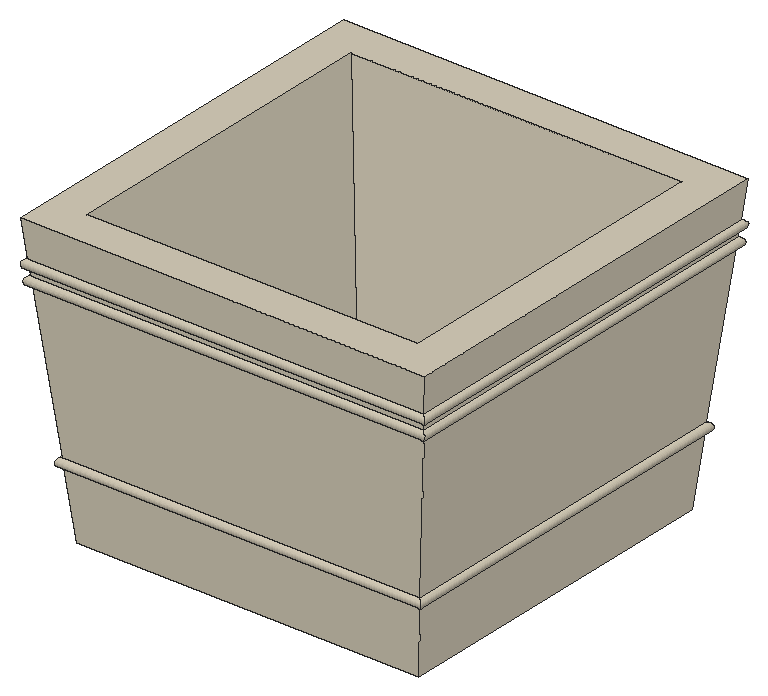
Revit family "Specialty_Equipment-Fiberstone_Planter-Planters_Unlimited-Custis-Square-rev", category Specialty Equipment, Revit 2023
Family settings
  Round Connector Dimension = Use Diameter
  Part Type = Normal
  OmniClass Number = 23.40.05.21.17
  OmniClass Title = Planters
  Work Plane-Based = No
  Enable Cutting in Views = No
  Always vertical = Yes
  Cut with Voids When Loaded = No
  Maintain Annotation Orientation = No
  Shared = No
  Room Calculation Point = No
Parameters (values of type "22"Sq x 16"H")
  URL = "https://www.plantersunlimited.com"
  Type Comments = "Square Planter"  # constant formula
  Model = "Custis Series Planters"  # constant formula
  Manufacturer = "Planters Unlimited"  # constant formula
  Description = "Custis Square Planter"  # constant formula
  Default Elevation = 0.00"
  CD_Specification = "https://www.plantersunlimited.com/content/Planters/P10-S.pdf"
  CD_Product Page URL = "https://www.plantersunlimited.com/custis-square-fiberstone-planter/"
  CD_Product Name [instance] = "Custis Square Planter"  # constant formula
  CD_Lip Radius = 0.25004"
  CD_Microsite = "https://www.caddetails.com/3404"
  CD_Height = 16.00"
  CD_Finish = Plastic-Fiberstone-Carlsbad-Chenza
  CD_Length = 22.00"
  CD_Created By = "CADdetails LTD. 2025"  # constant formula
  Assembly Code = "G2050600"
Reference planes (in)
  plane 1 "Center (Front/Back)": y = 0
  plane 2 "Bottom": z = 0
  plane 3 "Center (Left/Right)": x = 0
  plane 4 "Left": x = -11
  plane 5 "Right": x = 11
  plane 6 "Back": y = 11
  plane 7 "Front": y = -11
  plane 8 "Top": z = 16
  plane 9 "Inner wall": y = 9
  plane 10 "Base Plate": z = 2
  plane 11 "Bottom Outer Work": z = 4.20873
  plane 12 "Top Outer Work": z = 12.66372
Forms (in)
  Sweep 1, solid, material "Plastic-Fiberstone-Carlsbad-Chenza" <- "CD_Finish"
    path origin (0, 0, 0.125) x (-1, 0, 0) y (0, -1, 0)
      loop
        line (11, -11) -> (11, 11) -> (-11, 11) -> (-11, -11) -> (11, -11)
    profile origin (0, 11, 0.125) x (0, 1, 0) y (0, 0, 1)
      loop
        line (-1.70742, -0.125) -> (-1.31112, 3.58871)
        arc (-1.31112, 3.58871) -> (-1.01256, 3.80718) -> (-1.25829, 4.08373) r 0.25004
        line (-1.25829, 4.08373) -> (-0.35603, 12.53872)
        arc (-0.35603, 12.53872) -> (-0.07269, 12.7598) -> (-0.30299, 13.0357) r 0.25004
        line (-0.30299, 13.0357) -> (-0.26679, 13.37496)
        arc (-0.26679, 13.37496) -> (0.01682, 13.596) -> (-0.21376, 13.87192) r 0.25004
        line (-0.21376, 13.87192) -> (0, 15.875) -> (-2, 15.875) -> (-3.55924, 1.875) -> (-3.55924, -0.125) -> (-1.70742, -0.125)
  Extrusion 2, solid, material "Plastic-Fiberstone-Carlsbad-Chenza" <- "CD_Finish", detail levels fine
    sketch origin (0, 0, 0.125) x (-1, 0, 0) y (0, -1, 0)
      loop
        line (7.44076, -7.44076) -> (7.44076, 7.44076) -> (-7.44076, 7.44076) -> (-7.44076, -7.44076) -> (7.44076, -7.44076)
    from -0.125 to 1.875
Dimensions and locks (in)
  "CD_Height": plane 8 "Top" to level
  "CD_Length": plane 4 "Left" to plane 5 "Right"
  equal spacing: plane 4 "Left", plane 3 "Center (Left/Right)", plane 5 "Right"
  "CD_Length": plane 6 "Back" to plane 7 "Front"
  equal spacing: plane 6 "Back", plane 1 "Center (Front/Back)", plane 7 "Front"
  locked: plane 9 "Inner wall" to plane 6 "Back" at 2
  plane 5 "Right" to plane 4 "Left" = 22.00"
  plane 6 "Back" to Sweep 1 = 2.00"
  Sweep 1 to plane 7 "Front" = 2.00"
  plane 6 "Back" to plane 7 "Front" = 22.00"
  plane 8 "Top" to plane 2 "Bottom" = 16.00"
  Sweep 1 to plane 4 "Left" = 2.00"
  plane 5 "Right" to Sweep 1 = 2.00"
  locked: plane 10 "Base Plate" to plane 2 "Bottom" at 2
  plane 2 "Bottom" to plane 10 "Base Plate" = 2.00"
  locked: plane 8 "Top" to plane 12 "Top Outer Work" at 3.33628
  locked: level to plane 11 "Bottom Outer Work" at 4.20873
  "CD_Lip Radius": radius of Sweep 1 sketch curve  (x3)
  aligned and locked: plane 2 "Bottom" to level
  aligned and locked: plane 6 "Back" to Sweep 1 sketch curve  (x2)
  aligned and locked: Sweep 1 sketch curve to plane 4 "Left"
  aligned and locked: Sweep 1 sketch curve to plane 7 "Front"
  aligned and locked: plane 5 "Right" to Sweep 1 sketch curve
  aligned and locked: Sweep 1 sketch curve to plane 8 "Top"
  aligned and locked: Extrusion 2 sketch curve to Sweep 1  (x4)
  aligned and locked: plane 10 "Base Plate" to Extrusion 2  (x2)
  aligned and locked: Extrusion 2 to plane 2 "Bottom"
  aligned and locked: plane 2 "Bottom" to Extrusion 2
  aligned and locked: plane 12 "Top Outer Work" to Sweep 1 sketch curve
  aligned and locked: plane 11 "Bottom Outer Work" to Sweep 1 sketch curve
  aligned and locked: level to Sweep 1 sketch curve  (x2)
  aligned and locked: plane 10 "Base Plate" to Sweep 1 sketch curve
  aligned and locked: Sweep 1 sketch curve to Sweep 1 sketch curve  (x3)
Automatic sketch dimensions
  Sweep 1 sketch curve to plane 9 "Inner wall" = 0.00"
  Sweep 1 sketch curve to plane 9 "Inner wall" = 1.55924"
  Sweep 1 sketch curve to Sweep 1 sketch curve = 0.04993"
  Sweep 1 sketch curve to Sweep 1 sketch curve = 0.0029"
  Sweep 1 sketch curve to Sweep 1 sketch curve = 0.01832"
  profile plane to Sweep 1 sketch curve = 0.23181"
  profile plane to Sweep 1 sketch curve = 0.21376"
